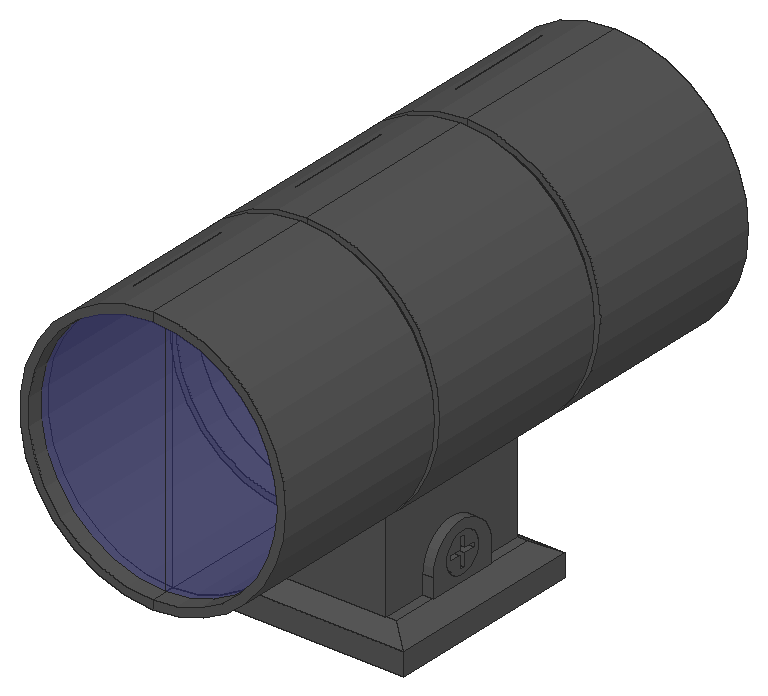
Revit family "CARLO CYLINDER LIGHT WALL MOUNT", category Lighting Fixtures, host Face, Revit 2020 (continued)
Types (10): name | Wattage_Input | Wattage Comments | Wattage | Photometric Web File | built-in parameter 1150142 | Model | built-in parameter 1150105 | Lumens | Light Length 1 | LIGHT RADIUS | LIGHT PLACEMENT | LIGHT LENGTH | LIGHT DIA | built-in parameter 1150106 | FIXED END HEIGHT | Curve base Height | Base Curve | BEAMING ANGLE | Apparent Load
    3 619.15 635.37 651.62 667.95 683.97 699.05 713.86 729 \r\n 744.06 758.89 773.34 787.17 800.59 813.92 826.63 838.09 848.95 859.71 \r\n 870.15 880.46 889.87 897.33 903.86 910.21 916.17 921.74 927.04 932.13 \r\n 937.09 942.15 946.99 951.27 955.39 959.63 963.96 968.32 973.08 978.81 \r\n 984.79 990.45 995.85 1000.9 1005.4 1009.4 1012.5 1014 1014.3 1013.5 \r\n 1011.9 \r\n1006.9 1016.3 1019 1020.6 1020.9 1019.1 1016.5 1014.4 1011.9 1008.4 \r\n 1004.4 999.71 994.91 990.6 986.31 981.78 977 971.82 966.46 961.18 \r\n 955.69 949.61 943.46 937.93 932.04 924.98 917.04 908.14 898.64 889.03 \r\n 878.82 867.64 855.63 842.75 829.22 815.15 800.8 786.53 772.04 757.13 \r\n 741.74 725.52 709.2 693.6 678.11 662.29 646.41 630.69 614.93 598.79 \r\n 582.93 567.97 553.63 539.93 526.69 513.58 501.11 489.9 479.35 469.07 \r\n 459.03 449.08 439.23 429.46 419.69 409.91 399.89 389.25 378.47 367.87 \r\n 357.47 347.35 337.71 328.86 320.6 313.52 305.57 294.96 281.53 264.08 \r\n 244 222 199.04 176.04 153.78 133.85 114.75 95.32 76.046 55.354 \r\n 38.226 31.152 28.034 24.538 21.855 19.789 18.163 16.736 15.51 14.398 \r\n 13.428 12.624 11.909 11.192 10.542 10.021 9.5612 9.1049 8.6807 8.3024 \r\n 7.9551 7.6285 7.3217 7.033 6.7542 6.4722 6.1996 5.9467 5.7078 5.4823 \r\n 5.2645 5.0456 4.8339 4.6372 4.4477 4.2577 4.0745 3.9051 3.7431 3.5846 \r\n 3.429 3.2713 3.1203 2.9866 2.8594 2.7285 2.6031 2.4907 2.3872 2.2921 \r\n 2.2029 2.1119 2.034 1.9887 1.9539 1.9094 1.8683 1.8477 1.8334 1.8227 \r\n 1.7977 1.7249 1.6479 1.6171 1.5791 1.4806 1.3726 1.2966 1.2273 1.1549 \r\n 1.0751 0.97189 0.87141 0.80471 0.7412 0.65217 0.5631 0.49371 0.43265 0.37525 \r\n 0.32125 0.2666 0.21796 0.18555 0.15461 0.10728 0.063233 0.040598 0.026145 0.010874 \r\n 0.00021318 0 0.000037 0.0015127 0.013108 0.051235 0.094098 0.11839 0.14507 0.19008 \r\n 0.24515 0.31134 0.37661 0.42017 0.46935 0.55568 0.64573 0.70652 0.76825 0.85574 \r\n 0.95214 1.0525 1.1459 1.209 1.2739 1.3776 1.4813 1.5483 1.6101 1.6953 \r\n 1.7762 1.8321 1.8708 1.8848 1.8991 1.9479 1.9965 2.0086 2.0233 2.0747 \r\n 2.1409 2.2102 2.2862 2.3665 2.4581 2.5716 2.6948 2.8168 2.9454 3.0881 \r\n 3.2353 3.3762 3.5221 3.6811 3.8515 4.0394 4.2297 4.4005 4.578 4.7881 \r\n 5.0092 5.2272 5.4463 5.6604 5.8875 6.1515 6.4285 6.7002 6.975 7.2477 \r\n 7.5418 7.8848 8.2591 8.6517 9.0761 9.5411 10.047 10.584 11.19 11.916 \r\n 12.718 13.541 14.465 15.543 16.804 18.232 20.006 22.227 25.12 28.031 \r\n 33.707 45.46 60.945 78.859 99.385 122.82 147.51 172.65 196.03 213.99 \r\n 230.06 246.84 263.42 280.88 295.92 303.98 309.93 317.54 325.61 334.16 \r\n 343.31 353.3 363.76 374.43 385.22 395.98 406.71 417.32 427.91 438.63 \r\n 449.26 459.3 469.72 481.48 494.12 507.6 521.66 535.99 550.74 566.02 \r\n 581.66 597.57 613.65 629.79 645.94 662.16 678.1 693.21 708.09 723.27 \r\n 738.36 753.19 767.63 781.42 794.79 808.06 820.72 832.09 842.92 853.83 \r\n 864.48 875.02 884.64 892.22 898.87 905.42 911.65 917.63 923.31 928.59 \r\n 933.64 938.66 943.48 947.87 952.14 956.53 960.98 965.36 970.09 975.83 \r\n 981.85 987.63 993.18 998.4 1003.2 1007.5 1010.8 1012.7 1013.4 1013 \r\n 1011.9 \r\n1006.9 1015.9 1018.8 1020.7 1021.3 1019.6 1017 1014.6 1011.9 1008.5 \r\n 1004.7 1000.2 995.48 991.13 986.8 982.36 977.67 972.44 966.91 961.29 \r\n 955.41 949 942.55 936.79 930.71 923.49 915.38 906.22 896.49 886.82 \r\n 876.6 865.39 853.39 840.53 827.1 813.34 799.35 785.38 771.12 756.31 \r\n 741 724.92 708.77 693.35 678.02 662.27 646.45 630.76 615 598.77 \r\n 582.8 567.83 553.46 539.55 526.11 513 500.57 489.31 478.69 468.34 \r\n 458.29 448.47 438.75 428.98 419.18 409.33 399.28 388.8 378.17 367.47 \r\n 356.97 346.98 337.45 328.42 319.93 312.91 304.66 292.33 277.3 259.78 \r\n 240.33 219.47 197.52 174.49 151.83 131.46 111.95 92.267 73.142 53.62 \r\n 37.735 31.043 28.019 24.607 21.945 19.87 18.227 16.819 15.612 14.493 \r\n 13.509 12.7 11.979 11.247 10.585 10.064 9.6054 9.1417 8.7085 8.3241 \r\n 7.9724 7.6442 7.3376 7.0506 6.7743 6.496 6.2257 5.9701 5.7271 5.4989 \r\n 5.2793 5.061 4.85 4.6517 4.4604 4.27 4.0862 3.9139 3.7488 3.5886 \r\n 3.4319 3.2742 3.1233 2.9893 2.8619 2.7318 2.6066 2.4905 2.3834 2.2881 \r\n 2.1995 2.108 2.0297 1.985 1.9515 1.9099 1.8712 1.8478 1.83 1.8187 \r\n 1.7944 1.7234 1.6482 1.6168 1.5791 1.4867 1.3835 1.3024 1.2278 1.1588 \r\n 1.0829 0.97652 0.87155 0.80267 0.73836 0.65102 0.56357 0.49248 0.42953 0.3733 \r\n 0.31997 0.26153 0.20921 0.17763 0.14866 0.10232 0.058734 0.035094 0.020192 0.0077796 \r\n 0.00016469 0 0.00011668 0.003758 0.016751 0.051686 0.091674 0.11904 0.14872 0.1909 \r\n 0.24212 0.30666 0.37141 0.41702 0.46643 0.54373 0.62611 0.69349 0.76175 0.8414 \r\n 0.92856 1.0282 1.1242 1.1928 1.2615 1.3592 1.4578 1.5328 1.6023 1.6804 \r\n 1.7547 1.8193 1.8696 1.8905 1.9084 1.9542 2.0003 2.0206 2.0427 2.0894 \r\n 2.1495 2.2204 2.2986 2.3759 2.4633 2.573 2.693 2.8138 2.9404 3.0756 \r\n 3.2165 3.3602 3.5091 3.6624 3.8259 4.0103 4.1988 4.3709 4.549 4.7541 \r\n 4.9702 5.1881 5.4081 5.6201 5.8453 6.1094 6.3879 6.6625 6.9393 7.2098 \r\n 7.4985 7.8325 8.1961 8.5794 8.9935 9.4462 9.9381 10.463 11.048 11.729 \r\n 12.484 13.288 14.187 15.196 16.375 17.751 19.449 21.531 24.215 26.925 \r\n 32.113 42.425 56.7 75.126 96.312 119.07 142.97 167.9 191.67 211.2 \r\n 229.07 247.1 264.45 281.79 296.39 304.16 309.84 317.27 325.12 333.25 \r\n 341.9 351.38 361.31 371.43 381.72 392.05 402.43 412.87 423.27 433.5 \r\n 443.62 453.36 463.54 475 487.34 500.5 514.26 528.38 542.97 558.15 \r\n 573.75 589.71 605.85 621.94 638.03 654.15 670.08 685.48 700.72 716.14 \r\n 731.4 746.3 760.76 774.56 787.93 801.2 813.92 825.56 836.74 848.06 \r\n 859.08 869.76 879.5 887.32 894.26 901.11 907.64 913.96 919.93 925.39 \r\n 930.52 935.43 940.17 944.82 949.42 954.05 958.65 963.03 967.69 973.27 \r\n 979.17 985.03 990.74 996.04 1000.9 1005.5 1009.3 1011.5 1012.6 1012.6 \r\n 1011.9 \r\n1006.9 1015.5 1018.5 1020.7 1021.5 1020 1017.4 1014.7 1011.6 1008.4 \r\n 1004.7 1000.3 995.73 991.33 986.93 982.59 977.98 972.7 967.01 961.02 \r\n 954.72 947.99 941.26 935.26 929 921.64 913.4 904.01 894.08 884.34 \r\n 874.11 862.88 850.87 838.03 824.71 811.31 797.72 784.08 770.07 755.39 \r\n 740.17 724.28 708.32 693.08 677.88 662.2 646.41 630.75 614.98 598.66 \r\n 582.59 567.61 553.19 539.03 525.36 512.26 499.88 488.55 477.84 467.43 \r\n 457.35 447.64 438.02 428.23 418.34 408.36 398.24 387.89 377.37 366.53 \r\n 355.88 346.03 336.61 327.39 318.63 311.62 303.03 288.97 272.31 254.66 \r\n 235.81 216.21 195.42 172.46 149.44 128.55 108.54 88.529 69.591 51.592 \r\n 37.302 31.015 28.022 24.706 22.081 19.996 18.331 16.939 15.75 14.621 \r\n 13.621 12.801 12.069 11.322 10.646 10.122 9.6624 9.19 8.7468 8.3543 \r\n 7.9965 7.6656 7.3586 7.073 6.7994 6.5249 6.257 5.998 5.7503 5.5193 \r\n 5.2979 5.0799 4.8692 4.6687 4.4749 4.2842 4.0998 3.9243 3.7557 3.5936 \r\n 3.436 3.2785 3.1282 2.9936 2.8658 2.7367 2.6117 2.492 2.3812 2.2856 \r\n 2.1976 2.1057 2.0273 1.9834 1.9515 1.9128 1.8765 1.8498 1.828 1.8155 \r\n 1.7913 1.7226 1.6496 1.617 1.5791 1.493 1.3949 1.3086 1.2281 1.1618 \r\n 1.089 0.97953 0.87041 0.79938 0.73429 0.64886 0.56327 0.49071 0.426 0.37076 \r\n 0.31782 0.25518 0.19888 0.16825 0.14147 0.096366 0.053399 0.028562 0.013108 0.0040959 \r\n 0.00010695 0 0.00019667 0.0064836 0.021239 0.052545 0.089183 0.11984 0.15288 0.19255 \r\n 0.23999 0.30213 0.36581 0.41455 0.46519 0.53255 0.60622 0.68064 0.75609 0.82787 \r\n 0.90543 1.0036 1.1017 1.177 1.2508 1.3417 1.434 1.5166 1.5935 1.6638 \r\n 1.731 1.8034 1.8652 1.8946 1.9178 1.96 2.003 2.0326 2.0636 2.1062 \r\n 2.1604 2.2335 2.3143 2.3895 2.4733 2.579 2.6955 2.8154 2.9403 3.0677 \r\n 3.202 3.3491 3.5015 3.6495 3.8059 3.986 4.1726 4.3475 4.5279 4.7282 \r\n 4.9388 5.1566 5.3777 5.5896 5.8146 6.0788 6.3582 6.6364 6.9162 7.187 \r\n 7.4732 7.7998 8.1547 8.5309 8.9376 9.3805 9.8618 10.38 10.951 11.589 \r\n 12.301 13.098 13.983 14.928 16.036 17.375 19.013 20.958 23.446 26.029 \r\n 30.764 39.509 52.419 71.286 93.061 115.02 137.96 162.44 186.45 207.67 \r\n 227.53 246.94 265.07 282.04 295.96 303.56 309.16 316.48 324.13 331.83 \r\n 339.97 348.96 358.39 367.96 377.72 387.64 397.71 408.02 418.26 428.01 \r\n 437.62 447.08 457.02 468.17 480.17 492.96 506.39 520.29 534.72 549.75 \r\n 565.26 581.26 597.45 613.5 629.51 645.53 661.46 677.21 692.87 708.58 \r\n 724.06 739.07 753.59 767.42 780.82 794.11 806.96 818.97 830.61 842.4 \r\n 853.81 864.62 874.45 882.58 889.89 897.08 903.94 910.58 916.81 922.45 \r\n 927.67 932.44 937.1 942.04 947.02 951.88 956.64 961.03 965.61 970.97 \r\n 976.68 982.61 988.44 993.79 998.8 1003.7 1007.8 1010.3 1011.7 1012.1 \r\n 1011.9 \r\n1006.9 1015.1 1018.2 1020.6 1021.6 1020.3 1017.7 1014.6 1011.2 1008 \r\n 1004.5 1000.2 995.68 991.2 986.71 982.45 977.9 972.56 966.69 960.34 \r\n 953.63 946.59 939.6 933.38 926.93 919.44 911.07 901.49 891.38 881.56 \r\n 871.28 860 847.98 835.15 821.95 808.89 795.7 782.38 768.63 754.08 \r\n 738.98 723.27 707.5 692.41 677.34 661.72 645.95 630.33 614.56 598.17 \r\n 582.02 567.04 552.6 538.2 524.3 511.21 498.9 487.52 476.74 466.28 \r\n 456.18 446.56 437.02 427.17 417.17 407.04 396.8 386.54 376.1 365.1 \r\n 354.3 344.58 335.28 325.88 316.87 309.83 300.86 285.22 267.05 249.2 \r\n 230.81 212.36 192.68 169.86 146.56 125.18 104.67 84.306 65.588 49.327 \r\n 36.843 30.974 27.977 24.77 22.2 20.113 18.431 17.055 15.882 14.748 \r\n 13.734 12.902 12.157 11.397 10.711 10.183 9.72 9.2395 8.7873 8.3868 \r\n 8.0226 7.6888 7.3811 7.0968 6.8255 6.5545 6.2887 6.0265 5.7743 5.5405 \r\n 5.3175 5.0996 4.8889 4.6859 4.4895 4.2985 4.1136 3.9351 3.7632 3.5993 \r\n 3.4409 3.284 3.1345 2.9995 2.871 2.7429 2.6181 2.4955 2.3816 2.2856 \r\n 2.1979 2.1063 2.0284 1.9854 1.9547 1.9185 1.8842 1.8546 1.8289 1.8142 \r\n 1.7894 1.7231 1.6526 1.6184 1.5796 1.4988 1.405 1.3143 1.2283 1.1632 \r\n 1.0921 0.98015 0.86784 0.79495 0.72918 0.64559 0.56191 0.48846 0.42246 0.36779 \r\n 0.31478 0.24834 0.18855 0.15878 0.13404 0.090277 0.048075 0.02204 0.0060063 0.00040146 \r\n 0.000049 0 0.00026606 0.0091518 0.025546 0.052899 0.085879 0.1197 0.15617 0.19369 \r\n 0.2376 0.29678 0.35895 0.41153 0.4642 0.52161 0.58633 0.66749 0.75005 0.8148 \r\n 0.88347 0.97923 1.0786 1.1615 1.2411 1.3252 1.4106 1.4999 1.5834 1.6466 \r\n 1.707 1.7859 1.8579 1.8965 1.926 1.9647 2.0044 2.0434 2.0836 2.1227 \r\n 2.1717 2.2465 2.3296 2.4036 2.4847 2.5868 2.6997 2.8189 2.9422 3.0623 \r\n 3.1905 3.3409 3.4969 3.6403 3.7903 3.9659 4.1502 4.3292 4.5133 4.7091 \r\n 4.9144 5.1319 5.3542 5.5677 5.7942 6.058 6.3375 6.6193 6.9031 7.1763 \r\n 7.4625 7.7839 8.132 8.5039 8.906 9.3421 9.8164 10.333 10.895 11.497 \r\n 12.174 12.972 13.853 14.747 15.795 17.113 18.705 20.526 22.839 25.357 \r\n 29.687 36.853 48.319 67.418 89.565 110.66 132.6 156.44 180.49 203.35 \r\n 225.15 245.84 264.65 281.08 294.26 301.91 307.7 314.97 322.43 329.74 \r\n 337.4 345.95 354.93 363.97 373.25 382.83 392.66 402.91 413.05 422.42 \r\n 431.6 440.83 450.56 461.41 473.08 485.5 498.61 512.29 526.56 541.4 \r\n 556.78 572.79 589.01 605 620.93 636.84 652.78 668.88 684.96 700.99 \r\n 716.72 731.87 746.47 760.35 773.81 787.18 800.19 812.63 824.77 837.02 \r\n 848.8 859.72 869.66 878.15 885.88 893.44 900.65 907.56 914.02 919.85 \r\n 925.16 929.79 934.35 939.59 944.92 950.03 954.93 959.34 963.83 968.95 \r\n 974.45 980.39 986.31 991.7 996.8 1001.9 1006.3 1009.2 1011 1011.7 \r\n 1011.9 \r\n1006.9 1014.8 1017.8 1020.3 1021.5 1020.3 1017.7 1014.4 1010.7 1007.5 \r\n 1004 999.81 995.34 990.76 986.17 981.92 977.38 971.97 965.93 959.22 \r\n 952.12 944.82 937.61 931.14 924.48 916.85 908.37 898.63 888.37 878.41 \r\n 868.03 856.67 844.61 831.79 818.69 805.94 793.1 780.05 766.51 752.1 \r\n 737.13 721.59 705.98 691.01 676.02 660.46 644.73 629.15 613.41 597.01 \r\n 580.84 565.88 551.42 536.83 522.77 509.73 497.51 486.12 475.33 464.85 \r\n 454.76 445.21 435.73 425.81 415.69 405.4 395.04 384.8 374.39 363.25 \r\n 352.34 342.72 333.52 324.03 314.82 307.69 298.35 281.42 262.01 243.85 \r\n 225.67 208.07 189.24 166.57 143.12 121.36 100.47 79.797 61.325 46.883 \r\n 36.276 30.827 27.813 24.732 22.24 20.17 18.483 17.127 15.971 14.837 \r\n 13.818 12.976 12.221 11.455 10.764 10.233 9.7657 9.2798 8.8217 8.415 \r\n 8.0457 7.7097 7.4015 7.1182 6.8488 6.5803 6.3159 6.0513 5.7957 5.5597 \r\n 5.3353 5.1175 4.9068 4.7013 4.5024 4.3111 4.126 3.945 3.7706 3.6052 \r\n 3.4462 3.2904 3.1421 3.0067 2.8778 2.7501 2.6254 2.5013 2.3856 2.289 \r\n 2.2015 2.1109 2.0343 1.9923 1.9622 1.9275 1.8942 1.8628 1.8343 1.8164 \r\n 1.7895 1.7257 1.6578 1.6216 1.5807 1.5031 1.4122 1.3184 1.2284 1.1625 \r\n 1.0911 0.97764 0.86374 0.78951 0.7232 0.64115 0.55919 0.48579 0.41933 0.36454 \r\n 0.31084 0.2418 0.17976 0.15059 0.12734 0.084921 0.043606 0.01657 0 0 \r\n 0 0 0.00031495 0.011225 0.028641 0.051841 0.081018 0.11757 0.15716 0.19297 \r\n 0.23378 0.28965 0.34994 0.40671 0.46204 0.51038 0.56668 0.65352 0.74241 0.80188 \r\n 0.8634 0.95604 1.0556 1.1458 1.2317 1.3095 1.3883 1.4828 1.5718 1.6294 \r\n 1.6846 1.7681 1.8479 1.8956 1.9319 1.9676 2.0043 2.0517 2.1001 2.1366 \r\n 2.1811 2.2567 2.3413 2.4147 2.4942 2.5931 2.7029 2.8213 2.9433 3.0574 \r\n 3.1806 3.3337 3.4928 3.633 3.7782 3.9491 4.131 4.3151 4.504 4.6958 \r\n 4.8961 5.1132 5.3369 5.5536 5.7827 6.0455 6.3241 6.609 6.897 7.1745 \r\n 7.4631 7.7816 8.1256 8.496 8.8965 9.3291 9.8003 10.32 10.88 11.454 \r\n 12.104 12.912 13.8 14.657 15.662 16.973 18.537 20.253 22.42 24.924 \r\n 28.906 34.595 44.615 63.592 85.757 106 126.97 150.06 173.96 198.18 \r\n 221.64 243.29 262.53 278.39 290.92 298.95 305.25 312.54 319.82 326.79 \r\n 334.03 342.24 350.85 359.44 368.32 377.69 387.42 397.7 407.85 416.98 \r\n 425.88 434.97 444.55 455.15 466.53 478.65 491.46 504.96 519.06 533.7 \r\n 548.92 564.88 581.08 596.98 612.82 628.63 644.57 660.96 677.43 693.76 \r\n 709.74 725.06 739.78 753.73 767.28 780.75 793.98 806.84 819.46 832.11 \r\n 844.21 855.23 865.29 874.17 882.35 890.29 897.84 905.01 911.66 917.65 \r\n 923.04 927.55 932.03 937.52 943.17 948.48 953.51 957.94 962.35 967.24 \r\n 972.5 978.42 984.39 989.81 994.99 1000.3 1005 1008.1 1010.2 1011.3 \r\n 1011.9 \r\n1006.9 1014.8 1017.7 1019.9 1020.9 1019.8 1017.4 1014.2 1010.6 1007.1 \r\n 1003.4 999.14 994.56 989.84 985.07 980.59 975.83 970.27 964.08 957.12 \r\n 949.78 942.39 935.04 928.21 921.17 913.31 904.68 894.9 884.54 874.22 \r\n 863.43 851.8 839.57 826.76 813.74 801.04 788.24 775.19 761.7 747.47 \r\n 732.67 717.19 701.58 686.56 671.53 655.99 640.34 624.93 609.41 593.27 \r\n 577.32 562.42 547.98 533.55 519.67 506.78 494.7 483.54 472.97 462.65 \r\n 452.66 443.13 433.62 423.65 413.47 403.17 392.76 382.32 371.76 360.75 \r\n 350.04 340.48 331.36 322.17 313.27 306.18 296.83 280.1 260.66 241.71 \r\n 222.5 203.85 184.23 161.46 138.25 116.91 96.412 75.551 57.137 44.041 \r\n 34.862 29.823 26.915 24.029 21.693 19.743 18.142 16.833 15.709 14.623 \r\n 13.646 12.827 12.091 11.358 10.696 10.17 9.7044 9.2317 8.7878 8.3899 \r\n 8.0273 7.6972 7.3933 7.1119 6.8426 6.5713 6.3048 6.0437 5.7923 5.557 \r\n 5.3324 5.116 4.9065 4.7008 4.5016 4.3107 4.1265 3.9473 3.7746 3.6099 \r\n 3.4516 3.298 3.152 3.0179 2.8894 2.7598 2.6342 2.515 2.4042 2.3058 \r\n 2.2164 2.1299 2.0584 2.0195 1.9905 1.9498 1.9112 1.8838 1.859 1.8346 \r\n 1.8007 1.7389 1.674 1.6359 1.5907 1.5043 1.4064 1.3168 1.231 1.157 \r\n 1.0774 0.96656 0.85755 0.78479 0.71887 0.63587 0.55366 0.48438 0.42141 0.36349 \r\n 0.30677 0.24173 0.1842 0.15436 0.12954 0.087682 0.047085 0.019794 0.0024991 0 \r\n 0.000020 0 0.00026607 0.0092191 0.023577 0.041874 0.067079 0.10444 0.14566 0.18086 \r\n 0.22008 0.27254 0.3307 0.39164 0.45076 0.49512 0.54682 0.63434 0.72554 0.78804 \r\n 0.85119 0.93945 1.0351 1.1298 1.2203 1.2958 1.3712 1.4656 1.5558 1.6163 \r\n 1.6736 1.7545 1.8326 1.8854 1.9274 1.9638 2.0002 2.0485 2.0973 2.1323 \r\n 2.1742 2.2454 2.3263 2.4003 2.4814 2.5805 2.6902 2.8082 2.9298 3.0442 \r\n 3.1677 3.3206 3.4801 3.6231 3.7705 3.9385 4.1187 4.3102 4.5063 4.6954 \r\n 4.8916 5.109 5.3357 5.5597 5.7946 6.053 6.3262 6.6115 6.9032 7.188 \r\n 7.4849 7.809 8.1589 8.5377 8.9475 9.3889 9.8707 10.406 10.982 11.562 \r\n 12.224 13.069 13.996 14.87 15.891 17.244 18.839 20.54 22.673 25.253 \r\n 29.072 33.955 42.822 60.303 81.093 100.75 121.3 143.53 166.68 190.84 \r\n 214.18 234.77 252.94 268.34 281.12 290.82 298.8 306.25 313.24 320.09 \r\n 327.24 335.43 344.05 352.6 361.55 371.32 381.58 392.37 403.04 412.66 \r\n 421.97 431.27 440.97 451.64 463.08 475.27 488.14 501.61 515.63 530.04 \r\n 544.97 560.65 576.58 592.27 607.97 623.66 639.54 655.9 672.4 688.9 \r\n 705.11 720.68 735.62 749.69 763.37 777.11 790.61 803.69 816.44 829.05 \r\n 841.12 852.28 862.61 871.9
